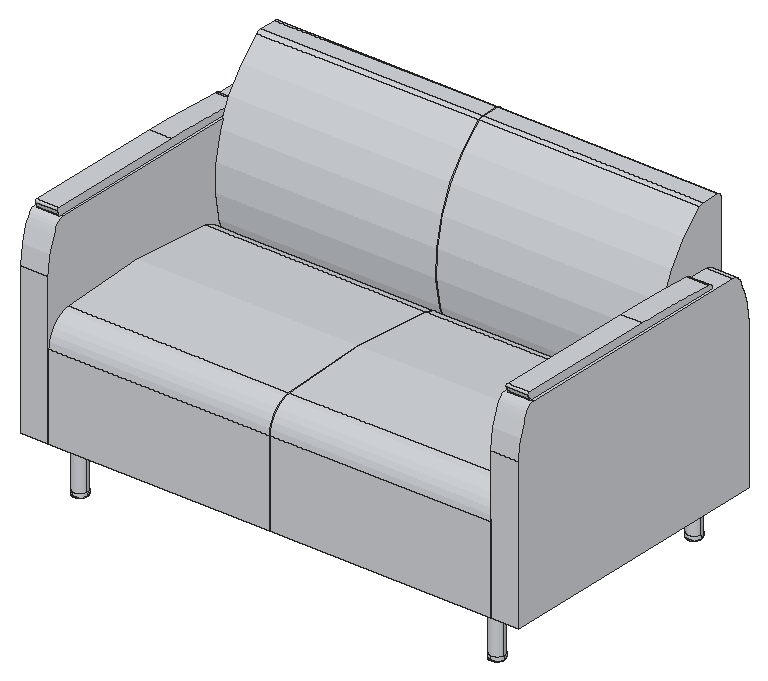
Revit family "Seat-LaZBoy-Assymble_Lounge_Seating-AS22A", category Furniture, Revit 2017
Family settings
  OmniClass Number = 23.40.20.00
  OmniClass Title = General Furniture and Specialties
  Work Plane-Based = No
  Always vertical = Yes
  Cut with Voids When Loaded = No
  Shared = No
  Room Calculation Point = No
Parameters (values of type "Solid Surface Arms Caps")
  Width = 53.50"  # constant formula
  URL = "https://www.la-z-boy.com/"
  Seat Material [instance] = none
  Product Documentation Link = "URL"
  Model = "AS22AJ"
  Manufacturer = "LaZBoy"
  Height = 32.75"  # constant formula
  Description = "2 Seat Lounge Chair with Solid Surface Arms Caps"
  Depth = 30.75"  # constant formula
  Copyright © = "Inc"
  Back Material [instance] = none
  Assembly Code = "E2020200"
  Armcap Material [instance] = none
  Arm Material [instance] = none
Types (4): name | Model | Description
  Upholstered Arms | "AS22AF" | "2 Seat Lounge Chair with Upholstered Arms"
  Urethane Arms Caps | "AS22AU" | "2 Seat Lounge Chair with Urethane Arms Caps"
  Wood Arms Caps | "AS22AW" | "2 Seat Lounge Chair with Wood Arms Caps"
  Solid Surface Arms Caps | "AS22AJ" | "2 Seat Lounge Chair with Solid Surface Arms Caps"
Reference planes (in)
  plane 1 "Center (Front/Back)": y = 0
  plane 2: z = 0
  plane 3 "Center (Left/Right)": x = 0
  plane 4: y = -15.375
  plane 5: z = 32.75
  plane 6: y = 15.375
  plane 7: x = -26.75
  plane 8: x = 26.75
  plane 9: z = 5.39888
  plane 10: x = -23.75
  plane 11: x = 23.75
  plane 12 "glide 1": y = -12.84321
  plane 13 "glide 2": y = 13.59321
Forms (in)
  Extrusion 1, solid, material <- "Back Material"
    sketch origin (0, 0, 0) x (0, 1, 0) y (0, 0, 1)
      loop
        line (15.375, 5.39888) -> (15.375, 32.4)
        arc (15.375, 32.4) -> (15.27249, 32.64749) -> (15.025, 32.75) r 0.35
        line (15.025, 32.75) -> (13.18257, 32.75)
        arc (13.18257, 32.75) -> (12.88654, 32.70048) -> (12.62275, 32.55731) r 0.90955
        arc (12.62275, 32.55731) -> (7.27087, 24.12175) -> (8.46181, 14.20293) r 14.8761
        arc (8.46181, 14.20293) -> (10.29749, 9.8942) -> (11.61161, 5.39888) r 39.59734
        line (11.61161, 5.39888) -> (15.375, 5.39888)
    from -23.75 to 0
  Extrusion 2, solid, material <- "Seat Material"
    sketch origin (0, 0, 0) x (0, 1, 0) y (0, 0, 1)
      loop
        line (-15.375, 5.39888) -> (11.61161, 5.39888)
        arc (11.61161, 5.39888) -> (9.9596, 10.8034) -> (7.55503, 15.9177) r 39.59734
        arc (7.55503, 15.9177) -> (6.71811, 16.83642) -> (5.56221, 17.29288) r 2.75
        arc (5.56221, 17.29288) -> (-3.58084, 18.03171) -> (-12.7401, 17.53243) r 67.9538
        arc (-12.7401, 17.53243) -> (-14.6217, 16.54278) -> (-15.375, 14.55473) r 3
        line (-15.375, 14.55473) -> (-15.375, 5.39888)
    from -23.75 to 0
  Extrusion 3, solid
    sketch origin (0, 0, 0) x (1, 0, 0) y (0, 1, 0)
      loop
        circle (-22.36938, 13.59321) r 0.75
      loop
        circle (22.36938, 13.59321) r 0.75
      loop
        circle (-22.36938, -12.84321) r 0.75
      loop
        circle (22.36938, -12.84321) r 0.75
    from 0 to 5.39888
  Extrusion 4, solid, material <- "Back Material"
    sketch origin (0, 0, 0) x (0, 1, 0) y (0, 0, -1)
      loop
        line (15.375, -5.39888) -> (11.61161, -5.39888)
        arc (11.61161, -5.39888) -> (10.29749, -9.8942) -> (8.46181, -14.20293) r 39.59734
        arc (8.46181, -14.20293) -> (7.27087, -24.12175) -> (12.62275, -32.55731) r 14.8761
        arc (12.62275, -32.55731) -> (12.88654, -32.70048) -> (13.18257, -32.75) r 0.90955
        line (13.18257, -32.75) -> (15.025, -32.75)
        arc (15.025, -32.75) -> (15.27249, -32.64749) -> (15.375, -32.4) r 0.35
        line (15.375, -32.4) -> (15.375, -5.39888)
    from -23.75 to 0
  Extrusion 5, solid, material <- "Seat Material"
    sketch origin (0, 0, 0) x (0, 1, 0) y (0, 0, -1)
      loop
        line (-15.375, -5.39888) -> (-15.375, -14.55473)
        arc (-15.375, -14.55473) -> (-14.6217, -16.54278) -> (-12.7401, -17.53243) r 3
        arc (-12.7401, -17.53243) -> (-3.58084, -18.03171) -> (5.56221, -17.29288) r 67.9538
        arc (5.56221, -17.29288) -> (6.71811, -16.83642) -> (7.55503, -15.9177) r 2.75
        arc (7.55503, -15.9177) -> (9.9596, -10.8034) -> (11.61161, -5.39888) r 39.59734
        line (11.61161, -5.39888) -> (-15.375, -5.39888)
    from -23.75 to 0
  Revolve 6, solid
    sketch origin (0.21875, -12.84321, 0) x (1, 0, 0) y (0, 0, 1)
      loop
        line (-22.58813, 0) -> (-21.84914, 0)
        arc (-21.84914, 0) -> (-21.81334, 0.01483) -> (-21.79851, 0.05064) r 0.05064
        line (-21.79851, 0.05064) -> (-21.79851, 0.40859) -> (-22.58813, 0.40859) -> (-22.58813, 0)
      axis (-22.58813, 0.40859) -> (-22.58813, 0)
    angle from 0 to 360
  Revolve 7, solid
    sketch origin (-0.21875, -12.84321, 0) x (-1, 0, 0) y (0, 0, 1)
      loop
        line (-22.58813, 0) -> (-21.84914, 0)
        arc (-21.84914, 0) -> (-21.81334, 0.01483) -> (-21.79851, 0.05064) r 0.05064
        line (-21.79851, 0.05064) -> (-21.79851, 0.40859) -> (-22.58813, 0.40859) -> (-22.58813, 0)
      axis (-22.58813, 0.40859) -> (-22.58813, 0)
    angle from 0 to 360
  Revolve 8, solid
    sketch origin (0, 13.59321, 0) x (1, 0, 0) y (0, 0, 1)
      loop
        line (-22.36938, 0) -> (-21.63039, 0)
        arc (-21.63039, 0) -> (-21.59459, 0.01483) -> (-21.57976, 0.05064) r 0.05064
        line (-21.57976, 0.05064) -> (-21.57976, 0.40859) -> (-22.36938, 0.40859) -> (-22.36938, 0)
      axis (-22.36938, 0.40859) -> (-22.36938, 0)
    angle from 0 to 360
  Revolve 9, solid
    sketch origin (0, 13.59321, 0) x (1, 0, 0) y (0, 0, 1)
      loop
        line (22.36938, 0) -> (22.36938, 0.40859) -> (21.57976, 0.40859) -> (21.57976, 0.05064)
        arc (21.57976, 0.05064) -> (21.59459, 0.01483) -> (21.63039, 0) r 0.05064
        line (21.63039, 0) -> (22.36938, 0)
      axis (22.36938, 0.40859) -> (22.36938, 0)
    angle from 0 to 360
Lines and regions (in)
  Masking region 1
    outline origin (0, 0, 0) x (1, 0, 0) y (0, 1, 0)
      loop
        line (-23.75, 15.375) -> (-23.75, -15.375) -> (23.75, -15.375) -> (23.75, 15.375) -> (-23.75, 15.375)
  symbolic lines, detail levels fine
    curve 1: line (23.75, 11.61161, 0) -> (-23.75, 11.61161, 0)
  symbolic lines, detail levels medium+fine
    curve 2: line (-23.75, 6.90274, 0) -> (23.75, 6.90274, 0)
    curve 3: line (0, -15.375, 0) -> (0, 11.61161, 0)
Dimensions and locks (in)
  equal spacing: plane 6, plane 1 "Center (Front/Back)", plane 4
  equal spacing: plane 7, plane 3 "Center (Left/Right)", plane 8
  "Width": plane 7 to plane 8
  "Depth": plane 4 to plane 6
  "Height": plane 5 to plane 2
  plane 6 to Extrusion 3 sketch curve = 1.78179"
  locked: plane 7 to Extrusion 3 sketch curve at 4.38062
  locked: plane 9 to plane 2 at 5.39888
  locked: plane 7 to plane 10 at 3
  locked: plane 11 to plane 8 at 3
  locked: plane 4 to plane 12 "glide 1" at 2.53179
  locked: plane 13 "glide 2" to plane 6 at 1.78179
  aligned and locked: level to plane 2
  aligned and locked: plane 3 "Center (Left/Right)" to nested 1
  aligned and locked: plane 1 "Center (Front/Back)" to nested 1
  aligned and locked: plane 6 to Extrusion 1 sketch curve
  aligned and locked: Extrusion 3 to plane 9
  aligned and locked: nested 2 to plane 7
  aligned and locked: plane 6 to nested 2
  aligned and locked: nested 3 to plane 8
  aligned and locked: plane 10 to Extrusion 1
  aligned and locked: plane 10 to Extrusion 2
  aligned and locked: Masking region 1 sketch curve to plane 11
  aligned and locked: Masking region 1 sketch curve to plane 6
  aligned and locked: Masking region 1 sketch curve to plane 10
  aligned and locked: Masking region 1 sketch curve to plane 4
  aligned and locked: curve 1 to Extrusion 2
  aligned and locked: plane 3 "Center (Left/Right)" to Extrusion 1
  aligned and locked: plane 3 "Center (Left/Right)" to Extrusion 2
  aligned and locked: Extrusion 4 to plane 3 "Center (Left/Right)"
  aligned and locked: plane 11 to Extrusion 4
  aligned and locked: Extrusion 5 to plane 3 "Center (Left/Right)"
  aligned and locked: plane 11 to Extrusion 5
Automatic sketch dimensions
  curve 1 to plane 10 = 0.00"
  curve 2 to plane 10 = 0.00"
  curve 3 to plane 3 "Center (Left/Right)" = 0.00"
  curve 2 to plane 11 = 0.00"
  curve 1 to plane 11 = 0.00"
  plane 4 to curve 3 = 0.00"
  curve 2 to curve 1 = 4.70887"
  Extrusion 1 sketch curve to plane 9 = 0.00"
  Extrusion 1 sketch curve to plane 5 = 0.00"
  Extrusion 1 sketch curve to plane 5 = 0.35"
  plane 13 "glide 2" to Extrusion 1 sketch curve = 0.41064"
  plane 13 "glide 2" to Extrusion 1 sketch curve = 1.9816"
  Extrusion 1 sketch curve to level = 3.44449"
  plane 4 to Extrusion 1 sketch curve = 11.61059"
  plane 6 to Extrusion 1 sketch curve = 6.40384"
  Extrusion 1 sketch curve to plane 5 = 11.91722"
  Extrusion 1 sketch curve to plane 5 = 0.90955"
  Extrusion 1 sketch curve to Extrusion 1 sketch curve = 0.00"
  Extrusion 2 sketch curve to plane 4 = 0.00"
  Extrusion 2 sketch curve to plane 9 = 0.00"
  Extrusion 2 sketch curve to level = 3.44449"
  plane 4 to Extrusion 2 sketch curve = 11.61059"
  Extrusion 2 sketch curve to plane 12 "glide 1" = 0.46821"
  plane 1 "Center (Front/Back)" to Extrusion 2 sketch curve = 4.47018"
  Extrusion 2 sketch curve to plane 1 "Center (Front/Back)" = 5.15622"
  plane 13 "glide 2" to Extrusion 2 sketch curve = 1.9816"
  Extrusion 2 sketch curve to level = 49.91627"
  Extrusion 2 sketch curve to Extrusion 2 sketch curve = 9.15585"
  plane 9 to Extrusion 2 sketch curve = 9.17414"
  Extrusion 2 sketch curve to Extrusion 2 sketch curve = 0.00"  (x2)
  plane 12 "glide 1" to Extrusion 3 sketch curve = 0.00"  (x2)
  plane 13 "glide 2" to Extrusion 3 sketch curve = 0.00"
  Extrusion 3 sketch curve to plane 10 = 1.38062"
  Extrusion 3 sketch curve to plane 11 = 1.38062"  (x2)
  Extrusion 4 sketch curve to plane 9 = 0.00"
  Extrusion 4 sketch curve to plane 5 = 0.00"
  Extrusion 4 sketch curve to plane 6 = 0.00"
  Extrusion 4 sketch curve to plane 5 = 0.35"
  plane 13 "glide 2" to Extrusion 4 sketch curve = 0.41064"
  plane 13 "glide 2" to Extrusion 4 sketch curve = 1.9816"
  Extrusion 4 sketch curve to level = 3.44449"
  plane 4 to Extrusion 4 sketch curve = 11.61059"
  plane 6 to Extrusion 4 sketch curve = 6.40384"
  Extrusion 4 sketch curve to plane 5 = 0.90955"
  Extrusion 4 sketch curve to plane 5 = 11.91722"
  Extrusion 4 sketch curve to Extrusion 4 sketch curve = 0.00"
  Extrusion 5 sketch curve to plane 4 = 0.00"
  Extrusion 5 sketch curve to plane 9 = 0.00"
  Extrusion 5 sketch curve to level = 3.44449"
  plane 4 to Extrusion 5 sketch curve = 11.61059"
  Extrusion 5 sketch curve to plane 12 "glide 1" = 0.46821"
  plane 1 "Center (Front/Back)" to Extrusion 5 sketch curve = 4.47018"
  Extrusion 5 sketch curve to plane 1 "Center (Front/Back)" = 5.15622"
  plane 13 "glide 2" to Extrusion 5 sketch curve = 1.9816"
  Extrusion 5 sketch curve to Extrusion 5 sketch curve = 9.15585"
  plane 9 to Extrusion 5 sketch curve = 9.17414"
  Extrusion 5 sketch curve to level = 49.91627"
  Extrusion 5 sketch curve to Extrusion 5 sketch curve = 0.00"  (x2)
  Revolve 6 sketch curve to level = 0.00"
  Revolve 6 sketch curve to plane 10 = 1.38062"
  Revolve 6 sketch curve to Revolve 6 sketch curve = 0.73899"
  level to Revolve 6 sketch curve = 0.05064"
  Revolve 6 sketch curve to Revolve 6 sketch curve = 0.35795"
  Revolve 6 sketch curve to Revolve 6 sketch curve = 0.00"
  Revolve 6 sketch curve to level = 0.50"
  Revolve 6 sketch curve to Revolve 6 sketch curve = 1.34141"
  Revolve 7 sketch curve to level = 0.00"
  plane 11 to Revolve 7 sketch curve = 1.38062"
  Revolve 7 sketch curve to Revolve 7 sketch curve = 0.73899"
  Revolve 7 sketch curve to level = 0.05064"
  Revolve 7 sketch curve to Revolve 7 sketch curve = 0.35795"
  Revolve 7 sketch curve to Revolve 7 sketch curve = 0.00"
  level to Revolve 7 sketch curve = 0.50"
  Revolve 7 sketch curve to Revolve 7 sketch curve = 1.34141"
  Revolve 8 sketch curve to level = 0.00"
  Revolve 8 sketch curve to plane 10 = 1.38062"
  Revolve 8 sketch curve to Revolve 8 sketch curve = 0.73899"
  level to Revolve 8 sketch curve = 0.05064"
  Revolve 8 sketch curve to Revolve 8 sketch curve = 0.35795"
  Revolve 8 sketch curve to Revolve 8 sketch curve = 0.00"
  Revolve 8 sketch curve to level = 0.50"
  Revolve 8 sketch curve to Revolve 8 sketch curve = 1.34141"
  Revolve 9 sketch curve to level = 0.00"
  level to Revolve 9 sketch curve = 0.40859"
  Revolve 9 sketch curve to plane 11 = 2.17024"
  level to Revolve 9 sketch curve = 0.05064"
  Revolve 9 sketch curve to Revolve 9 sketch curve = 0.73899"
  Revolve 9 sketch curve to Revolve 9 sketch curve = 0.00"
  Revolve 9 sketch curve to Revolve 9 sketch curve = 0.50"
  Revolve 9 sketch curve to Revolve 9 sketch curve = 1.34141"
  radius of Extrusion 3 sketch curve = 0.75"  (x4)
Nested families (in)
  nested 1: "Label 1-16" at (0, 0, 0), type "Center", detail levels fine
    with Offset (LR) 0.00"
  nested 2: "Leg-Assymble-AS" at (-25.25, -0.42331, 0), type "Standard"
    with With Armcap yes
  nested 3: "Leg-Assymble-AS" at (25.25, -0.42331, 0) x (-1, 0, 0) z (0, 0, 1), type "Standard"
    with With Armcap yes
Definition of nested family "Leg-Assymble-AS"
  Parameters (values of type "Standard")
    With Armcap [instance] = yes
    URL = ""
    On Legs = yes
    Model = ""
    Manufacturer = ""
    Description = ""
    Depth = 30.75"
    Assembly Code = "E2020200"
    Armcap Material = none
    Arm Material = none
  Reference planes (in)
    plane 1 "Center (Front/Back)": y = 0.42331
    plane 2: z = 0
    plane 3 "Center (Left/Right)": x = 0
    plane 4: y = -14.95169
    plane 5: y = 15.79831
    plane 6 "Top": z = 26.39888
    plane 7: z = 5.39888
    plane 8: x = -1.5
    plane 9: x = 1.5
    plane 10: z = 27.20597
  Forms (in)
    Extrusion 1, solid, material <- "Arm Material"
      sketch origin (0, 0, 0) x (0, 1, 0) y (0, 0, 1)
        loop
          line (-14.95169, 5.39888) -> (15.79831, 5.39888) -> (15.79831, 21.43599)
          spline (15.79831, 21.43599) -> (15.76797, 22.12079) -> (15.68527, 22.75327) -> (15.5627, 23.33665) -> (15.41272, 23.87418) -> (15.24784, 24.36908) -> (15.08052, 24.8246) -> (14.92237, 25.24351) -> (14.76729, 25.61955) -> (14.59281, 25.93806) -> (14.37586, 26.1841) -> (14.09335, 26.34269) -> (13.7222, 26.39888)
          line (13.7222, 26.39888) -> (-12.87557, 26.39888)
          spline (-12.87557, 26.39888) -> (-13.24672, 26.34269) -> (-13.52924, 26.1841) -> (-13.74619, 25.93806) -> (-13.92066, 25.61955) -> (-14.07574, 25.24351) -> (-14.23389, 24.8246) -> (-14.40121, 24.36908) -> (-14.5661, 23.87418) -> (-14.71607, 23.33665) -> (-14.83865, 22.75327) -> (-14.92135, 22.12079) -> (-14.95169, 21.43599)
          line (-14.95169, 21.43599) -> (-14.95169, 5.39888)
      from -1.5 to 1.5
    Extrusion 2, solid, material <- "Armcap Material", visible <- "With Armcap"
      sketch origin (0, 0, 0) x (0, 1, 0) y (0, 0, 1)
        loop
          line (-13.01699, 26.39888) -> (11.3584, 26.39888)
          arc (11.3584, 26.39888) -> (11.2289, 26.74416) -> (10.89493, 26.90053) r 0.48849
          line (10.89493, 26.90053) -> (10.8547, 26.90258)
          spline (10.8547, 26.90258) -> (9.81368, 26.95548) -> (8.97711, 26.99748) -> (8.27856, 27.03149) -> (7.65189, 27.06036) -> (7.04399, 27.08607) -> (6.41901, 27.10935) -> (5.74229, 27.13088) -> (4.97919, 27.15133) -> (4.10521, 27.17117) -> (3.20988, 27.18881) -> (2.45429, 27.20138) -> (2.00065, 27.20597)
          line (2.00065, 27.20597) -> (-13.10453, 27.20597)
          arc (-13.10453, 27.20597) -> (-13.26936, 27.11925) -> (-13.29125, 26.9343) r 0.2
          line (-13.29125, 26.9343) -> (-13.11035, 26.46304)
          arc (-13.11035, 26.46304) -> (-13.07363, 26.41646) -> (-13.01699, 26.39888) r 0.1
      from -1.18 to 1.18
  Lines and regions (in)
    Masking region 1
      outline origin (0, 0, 0) x (1, 0, 0) y (0, 1, 0)
        loop
          line (-1.5, 15.79831) -> (-1.5, -14.95169) -> (1.5, -14.95169) -> (1.5, 15.79831) -> (-1.5, 15.79831)
    symbolic lines, visible <- "With Armcap"
      curve 1: line (-1.18, 11.3584, 0) -> (-1.18, -13.30453, 0)
      curve 2: line (1.18, -13.30453, 0) -> (1.18, 11.3584, 0)
      curve 3: arc (-1.18, -13.30453, 0) -> (0, -13.34619, 0) -> (1.18, -13.30453, 0) r 16.73286
    symbolic lines
      curve 4: arc (-1.18, 11.3584, 0) -> (0, 11.42098, 0) -> (1.18, 11.3584, 0) r 11.15659
  Dimensions and locks (in)
    plane 6 "Top" to plane 7 to plane 2 = 21.00" locked, 5.39888" locked
    equal spacing: plane 4, plane 1 "Center (Front/Back)", plane 5
    "Depth": plane 4 to plane 5
    equal spacing: plane 8, plane 3 "Center (Left/Right)", plane 9
    plane 8 to plane 3 "Center (Left/Right)" = 1.50"
    locked: plane 10 to plane 6 "Top" at 0.80709
    equal spacing: Extrusion 2, plane 3 "Center (Left/Right)", Extrusion 2
    locked: Extrusion 2 sketch curve to plane 4 at 1.84715
    aligned and locked: level to plane 2
    aligned and locked: plane 7 to Extrusion 1 sketch curve
    aligned and locked: plane 5 to Extrusion 1 sketch curve
    aligned and locked: plane 4 to Extrusion 1 sketch curve
    aligned and locked: plane 6 "Top" to Extrusion 1 sketch curve
    aligned and locked: plane 8 to Extrusion 1
    aligned and locked: plane 9 to Extrusion 1
    aligned and locked: plane 6 "Top" to Extrusion 2 sketch curve
    aligned and locked: Masking region 1 sketch curve to plane 4
    aligned and locked: Masking region 1 sketch curve to plane 5
    aligned and locked: Masking region 1 sketch curve to plane 8
    aligned and locked: Masking region 1 sketch curve to plane 9
    aligned and locked: Extrusion 2 to curve 1
    aligned and locked: curve 2 to Extrusion 2
  Automatic sketch dimensions
    Extrusion 1 sketch curve to plane 5 = 2.07612"
    plane 6 "Top" to Extrusion 1 sketch curve = 4.96288"  (x2)
    Extrusion 1 sketch curve to plane 4 = 2.07612"
    curve 3 to plane 3 "Center (Left/Right)" = 0.00"
    curve 1 to plane 4 = 1.64715"
    plane 1 "Center (Front/Back)" to curve 4 = 0.15892"
    curve 3 to plane 1 "Center (Front/Back)" = 2.96335"
    curve 1 to plane 5 = 4.43991"
    curve 1 to curve 2 = 0.00"
    plane 10 to Extrusion 2 sketch curve = 0.00"
    Extrusion 2 sketch curve to plane 6 "Top" = 0.06416"
    Extrusion 2 sketch curve to Extrusion 2 sketch curve = 0.00582"
    plane 10 to Extrusion 2 sketch curve = 0.27167"
    Extrusion 2 sketch curve to Extrusion 2 sketch curve = 0.18672"
    Extrusion 2 sketch curve to Extrusion 2 sketch curve = 0.09336"
    Extrusion 2 sketch curve to plane 1 "Center (Front/Back)" = 1.57734"
    plane 10 to Extrusion 2 sketch curve = 0.30339"
    Extrusion 2 sketch curve to plane 5 = 4.94361"
    Extrusion 2 sketch curve to plane 6 "Top" = 0.01379"
    Extrusion 2 sketch curve to Extrusion 2 sketch curve = 0.0154"
    plane 10 to Extrusion 2 sketch curve = 0.30544"
    Extrusion 2 sketch curve to Extrusion 2 sketch curve = 0.04023"
Definition of nested family "Label 1-16"
  Parameters (values of type "Center")
    P_Width = 0.00"
    Text_Width = "Empty"
    Text_Height = "Empty"
    Text_Diameter = "Empty"
    Text_Depth = "Empty"
    Offset (LR) [instance] = 0.00"
    Model Name = "6961"
    P_Height = 0.00"
    Distance of Center (not Change) = 0.00"
    P_Diameter = 0.00"
    P_Depth = 0.00"
  Reference planes (in)
    plane 1: y = 0
    plane 2: x = 0
  Lines and regions (in)
    reference lines
      curve 1: line (-0.44359, 0, 0) -> (0.41085, 0, 0)
      curve 3: line (0, 0.32564, 0) -> (0, -0.40221, 0)
    reference lines, not visible
      curve 2: line (-0.44359, 0.09843, 0) -> (0.41085, 0.09843, 0)
      curve 4: line (0, 0.42407, 0) -> (0, -0.30379, 0)
  Text (in)
    label "Empty" at (0.00197, -0.0079, 0), shows "Model Name"
    label "Empty" at (0.00197, 0.09052, 0), shows "Model Name", not visible
  Dimensions and locks (in)
    "Distance of Center (not Change)": plane 1 to curve 1
    "Offset (LR)": curve 3 to plane 2
  Automatic sketch dimensions
    curve 1 to curve 3 = 0.44359"
    curve 3 to curve 1 = 0.41085"
    curve 3 to curve 1 = 0.40221"
    curve 1 to curve 3 = 0.32564"
    curve 2 to curve 4 = 0.44359"
    curve 4 to curve 2 = 0.41085"
    curve 4 to curve 2 = 0.40221"
    curve 2 to curve 4 = 0.32564"
